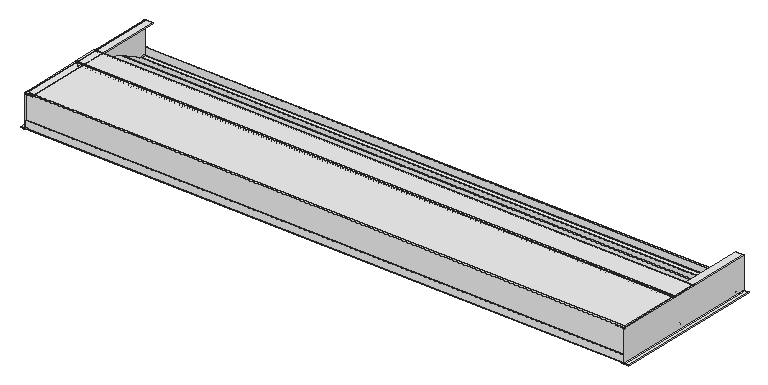
Revit family "LRTC 1x4", category Lighting Fixtures, host Ceiling, Revit 2019
Family settings
  Host = Ceiling
  Round Connector Dimension = Use Diameter
  Part Type = Normal
  OmniClass Number = 23.80.70.11.14.17
  OmniClass Title = Direct/Indirect
  Always vertical = Yes
  Cut with Voids When Loaded = No
  Light Source = Yes
  Shared = No
  Room Calculation Point = No
Parameters (values of type "LRTC1x4-LED840K034LUNV")
  Width = 0' - 11 3/4"
  Wattage = 30 W
  built-in parameter 1150110 = 1 (stored number, unit not read)
  Voltage = 120 V
  URL = "https://www.viscor.com/en/products/lrtc"
  built-in parameter 1114217 = 0.9 (stored number, unit not read)
  Tilt Angle = 90.00°
  built-in parameter 1150109 = 1 (stored number, unit not read)
  built-in parameter 1150134 = 12
  built-in parameter 1150113 = 1 (stored number, unit not read)
  Reflector Width = Width / 2  # 0' - 5 7/8"
  Photometric Web File = "LRTC1X4-LED840K034LUNV-G001806.IES"
  Model = "LRTC"  # constant formula
  Manufacturer = "VISIONEERING by VISCOR"  # constant formula
  Lumens = 3450 lm
  built-in parameter 1150115 = 1 (stored number, unit not read)
  built-in parameter 1150105 = 274.54 (stored number, unit not read)
  built-in parameter 1150137 = (empty or 0)
  built-in parameter 1150139 = (empty or 0)
  Lens Finish = Acrylic - Viscor - Frosted Ribbed Linear Extruded
  Length = 3' - 11 3/4"
  Lamp Wattage = 30 VA
  built-in parameter 1150112 = 1 (stored number, unit not read)
  built-in parameter 1150114 = 1 (stored number, unit not read)
  Lamp = "LED"  # constant formula
  built-in parameter 1150132 = (empty or 0)
  built-in parameter 1150102 = (empty or 0)
  built-in parameter 1150138 = (empty or 0)
  built-in parameter 1150107 = 4000 (stored number, unit not read)
  built-in parameter 1150106 = 2.7454 (stored number, unit not read)
  Housing Finish = Metal - Viscor - White
  Emit from Rectangle Width = Width  # 0' - 11 3/4"
  Emit from Rectangle Length = Length  # 3' - 11 3/4"
  Emit Shape Visible in Rendering = no
  built-in parameter 1150104 = 10.684 (stored number, unit not read)
  Dimming Lamp Color Temperature Shift = <None>
  Description = "LED Troffer Dish Single Tear Drop"  # constant formula
  Color Filter = 16777215
  built-in parameter 1114218 = 1 (stored number, unit not read)
  built-in parameter 1150133 = 10 (stored number, unit not read)
  Assembly Code = "D5020200"
  Apparent Load = Lamp Wattage  # 30 VA
Reference planes (in)
  plane 1 "Light Source Axis (F/B)": y = 0
  plane 2 "Ceiling": z = 96
  plane 3 "Light Source Axis (L/R)": x = 0
  plane 4 "Light Source Elevation": z = 95.96875
  plane 5: y = 5.875
  plane 6: y = -5.875
  plane 7: x = -23.875
  plane 8: x = 23.875
  plane 9: x = -23.8125
  plane 10: x = 23.8125
  plane 11: x = -23.5
  plane 12: x = 23.5
Forms (in)
  Extrusion 1, solid, material "Metal - Viscor - White" <- "Housing Finish"
    sketch origin (0, 0, 0) x (1, 0, 0) y (0, 0, 1)
      loop
        line (-23.875, 95.96875) -> (-23.572, 95.96875)
        arc (-23.572, 95.96875) -> (-23.52118, 95.98974) -> (-23.5, 96.04049) r 0.072
        line (-23.5, 96.04049) -> (-23.5, 98.42675)
        arc (-23.5, 98.42675) -> (-23.48858, 98.45433) -> (-23.461, 98.46575) r 0.039
        line (-23.461, 98.46575) -> (-22.875, 98.46575) -> (-22.875, 98.497) -> (-23.461, 98.497)
        arc (-23.461, 98.497) -> (-23.51067, 98.47642) -> (-23.53125, 98.42675) r 0.07025
        line (-23.53125, 98.42675) -> (-23.53125, 96.04055)
        arc (-23.53125, 96.04055) -> (-23.54326, 96.01187) -> (-23.572, 96) r 0.04075
        line (-23.572, 96) -> (-23.875, 96) -> (-23.875, 95.96875)
    from -5.875 to 5.875
  Extrusion 2, solid, material "Metal - Viscor - White" <- "Housing Finish"
    sketch origin (0, 0, 0) x (-1, 0, 0) y (0, 0, -1)
      loop
        line (-23.875, -95.96875) -> (-23.875, -96) -> (-23.572, -96)
        arc (-23.572, -96) -> (-23.54326, -96.01187) -> (-23.53125, -96.04055) r 0.04075
        line (-23.53125, -96.04055) -> (-23.53125, -98.42675)
        arc (-23.53125, -98.42675) -> (-23.51067, -98.47642) -> (-23.461, -98.497) r 0.07025
        line (-23.461, -98.497) -> (-22.875, -98.497) -> (-22.875, -98.46575) -> (-23.461, -98.46575)
        arc (-23.461, -98.46575) -> (-23.48858, -98.45433) -> (-23.5, -98.42675) r 0.039
        line (-23.5, -98.42675) -> (-23.5, -96.04049)
        arc (-23.5, -96.04049) -> (-23.52118, -95.98974) -> (-23.572, -95.96875) r 0.072
        line (-23.572, -95.96875) -> (-23.875, -95.96875)
    from -5.875 to 5.875
  Extrusion 3, solid, material "Acrylic - Viscor - Frosted Ribbed Linear Extruded" <- "Lens Finish"
    sketch origin (0, -5.75, 0.03125) x (0, 1, 0) y (0, 0, 1)
      loop
        line (6.71875, 97.73875) -> (6.71875, 97.82375)
        arc (6.71875, 97.82375) -> (6.71289, 97.83789) -> (6.69875, 97.84375) r 0.02
        line (6.69875, 97.84375) -> (6.521, 97.84375) -> (6.521, 98.03594)
        arc (6.521, 98.03594) -> (6.53058, 98.05185) -> (6.54912, 98.05082) r 0.018
        arc (6.54912, 98.05082) -> (6.59327, 98.06313) -> (6.57376, 98.1046) r 0.03
        line (6.57376, 98.1046) -> (6.48618, 98.12807)
        arc (6.48618, 98.12807) -> (6.46882, 98.12462) -> (6.461, 98.10875) r 0.02
        line (6.461, 98.10875) -> (6.461, 97.79375)
        arc (6.461, 97.79375) -> (6.46979, 97.77254) -> (6.491, 97.76375) r 0.03
        line (6.491, 97.76375) -> (6.63875, 97.76375)
        arc (6.63875, 97.76375) -> (6.58217, 97.24582) -> (6.40377, 96.75629) r 2.17014
        arc (6.40377, 96.75629) -> (6.23215, 96.49449) -> (6.00734, 96.27664) r 1.42014
        arc (6.00734, 96.27664) -> (5.75, 96.18861) -> (5.49266, 96.27664) r 0.42014
        arc (5.49266, 96.27664) -> (5.26785, 96.49449) -> (5.09623, 96.75629) r 1.42014
        arc (5.09623, 96.75629) -> (4.91783, 97.24582) -> (4.86125, 97.76375) r 2.17014
        line (4.86125, 97.76375) -> (5.009, 97.76375)
        arc (5.009, 97.76375) -> (5.03021, 97.77254) -> (5.039, 97.79375) r 0.03
        line (5.039, 97.79375) -> (5.039, 98.10875)
        arc (5.039, 98.10875) -> (5.03118, 98.12462) -> (5.01382, 98.12807) r 0.02
        line (5.01382, 98.12807) -> (4.92624, 98.1046)
        arc (4.92624, 98.1046) -> (4.90673, 98.06313) -> (4.95087, 98.05082) r 0.03
        arc (4.95087, 98.05082) -> (4.96942, 98.05185) -> (4.979, 98.03594) r 0.018
        line (4.979, 98.03594) -> (4.979, 97.84375) -> (4.80125, 97.84375)
        arc (4.80125, 97.84375) -> (4.78711, 97.83789) -> (4.78125, 97.82375) r 0.02
        line (4.78125, 97.82375) -> (4.78125, 97.73875)
        arc (4.78125, 97.73875) -> (4.84304, 97.21506) -> (5.02503, 96.72014) r 2.25
        arc (5.02503, 96.72014) -> (5.2063, 96.44361) -> (5.44375, 96.21352) r 1.5
        arc (5.44375, 96.21352) -> (5.75, 96.10875) -> (6.05625, 96.21352) r 0.5
        arc (6.05625, 96.21352) -> (6.2937, 96.44361) -> (6.47497, 96.72014) r 1.5
        arc (6.47497, 96.72014) -> (6.65696, 97.21506) -> (6.71875, 97.73875) r 2.25
    from -23.5 to 23.5
  Extrusion 4, void
    sketch origin (0, 0, 96) x (1, 0, 0) y (0, 1, 0)
      loop
        line (-23.875, -5.875) -> (23.875, -5.875) -> (23.875, 5.875) -> (-23.875, 5.875) -> (-23.875, -5.875)
    from -0.21784 to 2.93061
  Extrusion 5, solid, material "Metal - Viscor - White" <- "Housing Finish"
    sketch origin (0, 0, 0) x (0, 1, 0) y (0, 0, 1)
      loop
        arc (-0.9715, 98.49198) -> (-0.99171, 98.54077) -> (-1.0405, 98.56098) r 0.069
        line (-1.0405, 98.56098) -> (-5.7385, 98.56098)
        arc (-5.7385, 98.56098) -> (-5.78729, 98.54077) -> (-5.8075, 98.49198) r 0.069
        line (-5.8075, 98.49198) -> (-5.8075, 96.03398) -> (-5.77625, 96.03398) -> (-5.77625, 98.49198)
        arc (-5.77625, 98.49198) -> (-5.76519, 98.51868) -> (-5.7385, 98.52973) r 0.03775
        line (-5.7385, 98.52973) -> (-1.0405, 98.52973)
        arc (-1.0405, 98.52973) -> (-1.01381, 98.51868) -> (-1.00275, 98.49198) r 0.03775
        line (-1.00275, 98.49198) -> (-1.00275, 97.93598) -> (-0.9715, 97.93598) -> (-0.9715, 98.49198)
    from -23.5 to 23.5
  Extrusion 6, solid, material "Metal - Viscor - White" <- "Housing Finish"
    sketch origin (0, 0, 0) x (0, 1, 0) y (0, 0, 1)
      loop
        line (-0.6964, 97.98451) -> (-1.05876, 97.89191)
        arc (-1.05876, 97.89191) -> (-2.19205, 97.5712) -> (-3.29728, 97.16417) r 15.28468
        line (-3.29728, 97.16417) -> (-3.52776, 97.06664)
        arc (-3.52776, 97.06664) -> (-4.42963, 96.64003) -> (-5.30122, 96.15453) r 15.03
        line (-5.30122, 96.15453) -> (-5.50833, 96.02998) -> (-5.806, 96.02998)
        arc (-5.806, 96.02998) -> (-5.83358, 96.04141) -> (-5.845, 96.06898) r 0.039
        line (-5.845, 96.06898) -> (-5.845, 96.62498) -> (-5.87625, 96.62498) -> (-5.87625, 96.06898)
        arc (-5.87625, 96.06898) -> (-5.85567, 96.01931) -> (-5.806, 95.99873) r 0.07025
        line (-5.806, 95.99873) -> (-5.49965, 95.99873) -> (-5.28511, 96.12775)
        arc (-5.28511, 96.12775) -> (-4.4154, 96.61221) -> (-3.51546, 97.03791) r 14.99875
        line (-3.51546, 97.03791) -> (-3.28523, 97.13534)
        arc (-3.28523, 97.13534) -> (-2.18222, 97.54153) -> (-1.05122, 97.86158) r 15.25343
        line (-1.05122, 97.86158) -> (-0.68866, 97.95423) -> (-0.6964, 97.98451)
    from -23.5 to 23.5
  Extrusion 7, solid, material "Metal - Viscor - White" <- "Housing Finish"
    sketch origin (0, 0, 0) x (0, -1, 0) y (0, 0, -1)
      loop
        line (-0.6964, -97.98451) -> (-0.68866, -97.95423) -> (-1.05122, -97.86158)
        arc (-1.05122, -97.86158) -> (-2.18222, -97.54153) -> (-3.28523, -97.13534) r 15.25343
        line (-3.28523, -97.13534) -> (-3.51546, -97.03791)
        arc (-3.51546, -97.03791) -> (-4.4154, -96.61221) -> (-5.28511, -96.12775) r 14.99875
        line (-5.28511, -96.12775) -> (-5.49965, -95.99873) -> (-5.806, -95.99873)
        arc (-5.806, -95.99873) -> (-5.85567, -96.01931) -> (-5.87625, -96.06898) r 0.07025
        line (-5.87625, -96.06898) -> (-5.87625, -96.62498) -> (-5.845, -96.62498) -> (-5.845, -96.06898)
        arc (-5.845, -96.06898) -> (-5.83358, -96.04141) -> (-5.806, -96.02998) r 0.039
        line (-5.806, -96.02998) -> (-5.50833, -96.02998) -> (-5.30122, -96.15453)
        arc (-5.30122, -96.15453) -> (-4.42963, -96.64003) -> (-3.52776, -97.06664) r 15.03
        line (-3.52776, -97.06664) -> (-3.29728, -97.16417)
        arc (-3.29728, -97.16417) -> (-2.19205, -97.5712) -> (-1.05876, -97.89191) r 15.28468
        line (-1.05876, -97.89191) -> (-0.6964, -97.98451)
    from -23.5 to 23.5
  Extrusion 8, solid, material "Metal - Viscor - White" <- "Housing Finish"
    sketch origin (0, 0, 0) x (0, 1, 0) y (0, 0, 1)
      loop
        arc (0.965, 98.49198) -> (0.94479, 98.54077) -> (0.896, 98.56098) r 0.069
        line (0.896, 98.56098) -> (-0.896, 98.56098)
        arc (-0.896, 98.56098) -> (-0.94479, 98.54077) -> (-0.965, 98.49198) r 0.069
        line (-0.965, 98.49198) -> (-0.965, 97.93598) -> (-0.93375, 97.93598) -> (-0.93375, 98.49198)
        arc (-0.93375, 98.49198) -> (-0.92269, 98.51868) -> (-0.896, 98.52973) r 0.03775
        line (-0.896, 98.52973) -> (0.896, 98.52973)
        arc (0.896, 98.52973) -> (0.92269, 98.51868) -> (0.93375, 98.49198) r 0.03775
        line (0.93375, 98.49198) -> (0.93375, 97.93598) -> (0.965, 97.93598) -> (0.965, 98.49198)
    from -23.5 to 23.5
Dimensions and locks (in)
  equal spacing: host sketch curve, plane 3 "Light Source Axis (L/R)", host sketch curve
  equal spacing: host sketch curve, plane 1 "Light Source Axis (F/B)", host sketch curve
  host sketch curve to host sketch curve = 10' - 0"  (x2)
  equal spacing: plane 7, plane 3 "Light Source Axis (L/R)", plane 8
  "Length": plane 7 to plane 8
  equal spacing: plane 5, plane 1 "Light Source Axis (F/B)", plane 6
  "Width": plane 5 to plane 6
  plane 4 "Light Source Elevation" to plane 2 "Ceiling" = 0' - 0 1/32"
  locked: plane 7 to plane 9 at 0.0625
  locked: plane 10 to plane 8 at 0.0625
  locked: plane 7 to plane 11 at 0.375
  locked: plane 12 to plane 8 at 0.375
  aligned and locked: plane 3 "Light Source Axis (L/R)" to imposter light
  aligned and locked: plane 1 "Light Source Axis (F/B)" to imposter light
  aligned and locked: plane 4 "Light Source Elevation" to imposter light
  aligned and locked: Extrusion 1 to plane 6
  aligned and locked: plane 5 to Extrusion 1
  aligned and locked: Extrusion 2 to plane 6
  aligned and locked: plane 5 to Extrusion 2
  aligned and locked: Extrusion 3 to plane 11
  aligned and locked: plane 12 to Extrusion 3
  aligned and locked: Extrusion 4 to imposter light  (x2)
  aligned and locked: Extrusion 4 to plane 7
  aligned and locked: plane 8 to Extrusion 4
  aligned and locked: Extrusion 5 to plane 11
  aligned and locked: plane 12 to Extrusion 5
  aligned and locked: Extrusion 6 to plane 11
  aligned and locked: plane 12 to Extrusion 6
  aligned and locked: Extrusion 7 to plane 11
  aligned and locked: plane 12 to Extrusion 7
  aligned and locked: Extrusion 8 to plane 11
  aligned and locked: plane 12 to Extrusion 8
Automatic sketch dimensions
  Extrusion 1 sketch curve to Extrusion 1 sketch curve = 0' - 0"  (x7)
  Extrusion 1 sketch curve to plane 4 "Light Source Elevation" = 0' - 0"
  Extrusion 1 sketch curve to plane 2 "Ceiling" = 0' - 0"
  Extrusion 1 sketch curve to plane 11 = 0' - 0"
  Extrusion 1 sketch curve to Extrusion 1 sketch curve = 0' - 0 1/32"  (x2)
  Extrusion 1 sketch curve to plane 11 = 0' - 0.072"
  Extrusion 1 sketch curve to plane 7 = 0' - 0"
  plane 11 to Extrusion 1 sketch curve = 0' - 0.039"
  Extrusion 1 sketch curve to Extrusion 1 sketch curve = 0' - 0.039"
  Extrusion 1 sketch curve to Extrusion 1 sketch curve = 0' - 0.586"
  plane 2 "Ceiling" to Extrusion 1 sketch curve = 0' - 0.04049"
  Extrusion 1 sketch curve to Extrusion 1 sketch curve = 0' - 2.38626"
  Extrusion 2 sketch curve to Extrusion 2 sketch curve = 0' - 0"  (x6)
  Extrusion 2 sketch curve to plane 4 "Light Source Elevation" = 0' - 0"
  Extrusion 2 sketch curve to plane 2 "Ceiling" = 0' - 0"
  Extrusion 2 sketch curve to plane 12 = 0' - 0"
  Extrusion 2 sketch curve to Extrusion 2 sketch curve = 0' - 0 1/32"  (x2)
  Extrusion 2 sketch curve to plane 12 = 0' - 0.072"
  Extrusion 2 sketch curve to plane 8 = 0' - 0"
  plane 12 to Extrusion 2 sketch curve = 0' - 0.039"  (x2)
  Extrusion 2 sketch curve to Extrusion 2 sketch curve = 0' - 0.586"
  Extrusion 2 sketch curve to plane 2 "Ceiling" = 0' - 0.04049"
  Extrusion 2 sketch curve to Extrusion 2 sketch curve = 0' - 2.38626"
  Extrusion 3 sketch curve to Extrusion 3 sketch curve = 0' - 0"  (x15)
  Extrusion 3 sketch curve to plane 1 "Light Source Axis (F/B)" = 0' - 0"
  plane 1 "Light Source Axis (F/B)" to Extrusion 3 sketch curve = 0' - 0.61251"
  plane 1 "Light Source Axis (F/B)" to Extrusion 3 sketch curve = 0' - 0.711"
  Extrusion 3 sketch curve to Extrusion 3 sketch curve = 0' - 0.02"  (x3)
  Extrusion 3 sketch curve to Extrusion 3 sketch curve = 0' - 0.00518"  (x2)
  Extrusion 3 sketch curve to Extrusion 3 sketch curve = 0' - 0.03"  (x3)
  Extrusion 3 sketch curve to Extrusion 3 sketch curve = 0' - 0.04"
  Extrusion 3 sketch curve to Extrusion 3 sketch curve = 0' - 0.018"  (x2)
  Extrusion 3 sketch curve to Extrusion 3 sketch curve = 0' - 0.027"  (x2)
  Extrusion 3 sketch curve to Extrusion 3 sketch curve = 0' - 0.00776"  (x2)
  Extrusion 3 sketch curve to Extrusion 3 sketch curve = 0' - 0.11775"  (x2)
  Extrusion 3 sketch curve to Extrusion 3 sketch curve = 0' - 0.06"  (x3)
  Extrusion 3 sketch curve to Extrusion 3 sketch curve = 0' - 0 5/16"  (x2)
  Extrusion 3 sketch curve to plane 1 "Light Source Axis (F/B)" = 0' - 0.61251"
  Extrusion 3 sketch curve to plane 1 "Light Source Axis (F/B)" = 0' - 0.711"
  Extrusion 3 sketch curve to Extrusion 3 sketch curve = 0' - 0.08"
  plane 2 "Ceiling" to Extrusion 3 sketch curve = 0' - 0.64"
  Extrusion 3 sketch curve to Extrusion 3 sketch curve = 0' - 0.79046"  (x2)
  Extrusion 3 sketch curve to Extrusion 3 sketch curve = 0' - 0.33954"
  Extrusion 3 sketch curve to Extrusion 3 sketch curve = 0' - 0.025"  (x2)
  Extrusion 3 sketch curve to Extrusion 3 sketch curve = 0' - 0.085"
  Extrusion 3 sketch curve to Extrusion 3 sketch curve = 0' - 0.19219"  (x2)
  Extrusion 3 sketch curve to Extrusion 3 sketch curve = 0' - 0.03969"  (x2)
  Extrusion 3 sketch curve to Extrusion 3 sketch curve = 0' - 0.02898"  (x2)
  Extrusion 3 sketch curve to Extrusion 3 sketch curve = 0' - 0.07281"  (x2)
  plane 1 "Light Source Axis (F/B)" to Extrusion 3 sketch curve = 0' - 0.25734"
  Extrusion 3 sketch curve to Extrusion 3 sketch curve = 0' - 0.04891"
  Extrusion 4 sketch curve to plane 5 = 0' - 0"
  Extrusion 4 sketch curve to plane 7 = 0' - 0"
  Extrusion 4 sketch curve to plane 8 = 0' - 0"
  Extrusion 4 sketch curve to plane 6 = 0' - 0"
  Extrusion 5 sketch curve to Extrusion 5 sketch curve = 0' - 0"  (x4)
  plane 6 to Extrusion 5 sketch curve = 0' - 0.0675"
  Extrusion 5 sketch curve to Extrusion 5 sketch curve = 0' - 0 1/32"
  Extrusion 5 sketch curve to Extrusion 5 sketch curve = 0' - 0.03775"  (x2)
  plane 1 "Light Source Axis (F/B)" to Extrusion 5 sketch curve = 0' - 1.0405"
  plane 2 "Ceiling" to Extrusion 5 sketch curve = 0' - 0.03398"
  plane 2 "Ceiling" to Extrusion 5 sketch curve = 0' - 1.93598"
  Extrusion 5 sketch curve to Extrusion 5 sketch curve = 0' - 0.556"
  Extrusion 6 sketch curve to Extrusion 6 sketch curve = 0' - 0"  (x6)
  Extrusion 6 sketch curve to plane 6 = 0' - 0.00125"
  plane 6 to Extrusion 6 sketch curve = 0' - 0.03"
  Extrusion 6 sketch curve to plane 2 "Ceiling" = 0' - 0.00127"
  plane 6 to Extrusion 6 sketch curve = 0' - 0.069"
  Extrusion 6 sketch curve to Extrusion 6 sketch curve = 0' - 0.29767"
  Extrusion 6 sketch curve to Extrusion 6 sketch curve = 0' - 0.00867"
  plane 2 "Ceiling" to Extrusion 6 sketch curve = 0' - 0.15453"
  Extrusion 6 sketch curve to Extrusion 6 sketch curve = 0' - 0.20711"
  plane 2 "Ceiling" to Extrusion 6 sketch curve = 0' - 0.12775"
  Extrusion 6 sketch curve to Extrusion 6 sketch curve = 0' - 0.0161"
  plane 2 "Ceiling" to Extrusion 6 sketch curve = 0' - 1.06664"
  Extrusion 6 sketch curve to Extrusion 6 sketch curve = 0' - 1.75735"
  plane 2 "Ceiling" to Extrusion 6 sketch curve = 0' - 1.03791"
  plane 2 "Ceiling" to Extrusion 6 sketch curve = 0' - 1.16417"
  Extrusion 6 sketch curve to Extrusion 6 sketch curve = 0' - 0 59/256"
  plane 2 "Ceiling" to Extrusion 6 sketch curve = 0' - 1.13534"
  Extrusion 6 sketch curve to Extrusion 6 sketch curve = 0' - 0.01205"
  plane 1 "Light Source Axis (F/B)" to Extrusion 6 sketch curve = 0' - 1.05876"
  Extrusion 6 sketch curve to Extrusion 6 sketch curve = 0' - 0.00754"
  Extrusion 6 sketch curve to Extrusion 6 sketch curve = 0' - 0.36236"
  Extrusion 6 sketch curve to Extrusion 6 sketch curve = 0' - 0.00774"
  Extrusion 6 sketch curve to plane 1 "Light Source Axis (F/B)" = 0' - 2.44458"
  Extrusion 6 sketch curve to Extrusion 6 sketch curve = 0' - 0.08895"
  Extrusion 6 sketch curve to Extrusion 6 sketch curve = 0' - 0.23882"
  Extrusion 6 sketch curve to Extrusion 6 sketch curve = 0' - 0.556"
  Extrusion 7 sketch curve to Extrusion 7 sketch curve = 0' - 0"  (x6)
  Extrusion 7 sketch curve to plane 5 = 0' - 0.00125"
  plane 5 to Extrusion 7 sketch curve = 0' - 0.03"
  plane 2 "Ceiling" to Extrusion 7 sketch curve = 0' - 0.00127"
  plane 5 to Extrusion 7 sketch curve = 0' - 0.069"
  Extrusion 7 sketch curve to Extrusion 7 sketch curve = 0' - 0.29767"
  Extrusion 7 sketch curve to Extrusion 7 sketch curve = 0' - 0.00867"
  Extrusion 7 sketch curve to plane 2 "Ceiling" = 0' - 0.15453"
  Extrusion 7 sketch curve to Extrusion 7 sketch curve = 0' - 0.20711"
  Extrusion 7 sketch curve to plane 2 "Ceiling" = 0' - 0.12775"
  Extrusion 7 sketch curve to Extrusion 7 sketch curve = 0' - 0.0161"
  Extrusion 7 sketch curve to plane 2 "Ceiling" = 0' - 1.06664"
  Extrusion 7 sketch curve to Extrusion 7 sketch curve = 0' - 1.75735"
  Extrusion 7 sketch curve to plane 2 "Ceiling" = 0' - 1.03791"
  Extrusion 7 sketch curve to plane 2 "Ceiling" = 0' - 1.16417"
  Extrusion 7 sketch curve to Extrusion 7 sketch curve = 0' - 0 59/256"
  Extrusion 7 sketch curve to plane 2 "Ceiling" = 0' - 1.13534"
  Extrusion 7 sketch curve to Extrusion 7 sketch curve = 0' - 0.01205"
  plane 1 "Light Source Axis (F/B)" to Extrusion 7 sketch curve = 0' - 1.05876"
  Extrusion 7 sketch curve to Extrusion 7 sketch curve = 0' - 0.00754"
  Extrusion 7 sketch curve to Extrusion 7 sketch curve = 0' - 0.36236"
  Extrusion 7 sketch curve to Extrusion 7 sketch curve = 0' - 0.00774"
  Extrusion 7 sketch curve to plane 1 "Light Source Axis (F/B)" = 0' - 2.44458"
  Extrusion 7 sketch curve to Extrusion 7 sketch curve = 0' - 0.08895"
  Extrusion 7 sketch curve to Extrusion 7 sketch curve = 0' - 0.23882"
  Extrusion 7 sketch curve to Extrusion 7 sketch curve = 0' - 0.556"
  Extrusion 8 sketch curve to Extrusion 8 sketch curve = 0' - 0"  (x4)
  plane 1 "Light Source Axis (F/B)" to Extrusion 8 sketch curve = 0' - 0.965"
  Extrusion 8 sketch curve to Extrusion 8 sketch curve = 0' - 0 1/32"
  Extrusion 8 sketch curve to Extrusion 8 sketch curve = 0' - 0.03775"  (x2)
  Extrusion 8 sketch curve to plane 1 "Light Source Axis (F/B)" = 0' - 0.896"
  plane 2 "Ceiling" to Extrusion 8 sketch curve = 0' - 1.93598"
  Extrusion 8 sketch curve to Extrusion 8 sketch curve = 0' - 0.556"  (x2)
Connectors (in)
  electrical at (0, 0, 96), driven by "Voltage", driven by "Apparent Load"
    settings: index 1, voltage 120 V, apparent load 0 VA, apparent load phase1 30 VA, apparent load phase2 0 VA, apparent load phase3 0 VA, power factor 1, load classification "Other", number of poles 1, system type 31, power factor state 1, is connector primary yes, connector utility no, sub classification motor no, connector description ""
